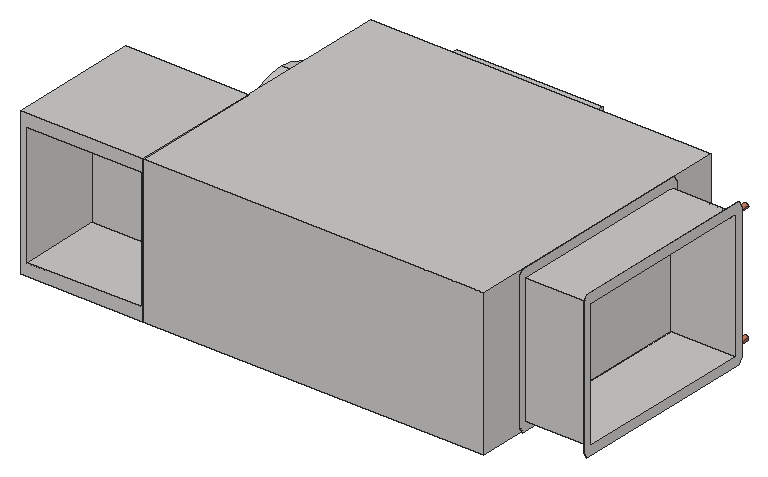
Revit family
Parameters
  Width = 3' - 3"
  Voltage = 208 V
  Unit Weight = if(Number of Rows = 1, "272.0 lbs", if(Number of Rows = 2, "277.0 lbs", "0"))  # "272.0 lbs"
  UltraLoc Liner = Choose Liner Option = 3  # no
  URL = "http://www.titus-hvac.com/"
  UL = "181"
  Supply Air Flow [instance] = 0 CFM
  SteriLoc Liner = Choose Liner Option = 2  # no
  Secondary Material = Copper Connectors
  Primary Air Pressure Drop [instance] = 0.00 in-wg
  Primary Air Flow [instance] = 0 CFM
  Pressure [instance] = 0.00 psi
  Plenum Air Pressure Drop [instance] = 0.00 in-wg
  Plenum Air Flow [instance] = 0 CFM
  Outlet Width = 2' - 1"
  Outlet Height = 1' - 5 1/2"
  Number of Rows = 1
  Number of Poles = 2
  Nominal Width = Width + 0' 6 1/4"  # 3' - 9 1/4"
  Nominal Length = Length + 1' 4 7/8" + 0' 9"  # 6' - 0 5/8"
  Nominal Inlet Size = 1' - 4"
  Nominal Height = 1' - 8"
  NFPA = "90A"
  Motor Full Load Amps [instance] = 3.6 A
  Model = "DTFS-F"
  Min. Air Flow = 0 CFM
  Max. Air Flow = 4000 CFM
  Material = Galvanized Steel
  Manufacturer = "Titus"
  Length = 3' - 10 3/4"
  Juction Box Offset = 0' - 6 7/8"
  Inlet Diameter = Nominal Inlet Size - 0' 0 1/8"  # 1' - 3 7/8"
  Induced Air Inlet Width = 1' - 4 7/8"
  Induced Air Inlet Offset = (Nominal Height - Induced Air Inlet Connection Height) / 2  # 0' - 1 11/16"
  Induced Air Inlet Height = 1' - 6 1/8"
  Induced Air Inlet Connection Width = 1' - 3 3/4"
  Induced Air Inlet Connection Height = 1' - 4 5/8"
  Induced Air Filter = no
  Heating Total Capacity [instance] = 0 Btu/h
  Heating Entering Water Temp = 0 °F
  Half Outlet Width = 1' - 0 1/2"
  Half Outlet Connection Width = Outlet Width / 2  # 1' - 0 1/2"
  Half Outlet Connection Height = Outlet Height / 2  # 0' - 8 3/4"
  Half Height Start = -(Nominal Height / 2)  # -0' - 10"
  Half Height End = Nominal Height / 2  # 0' - 10"
  HWC Option = HWC Section : D-E - 1 Row
  HWC Connector Radius = 5/16"
  HWC Connector Length = 0' - 3"
  HP-Motor = "1/3"
  Gallons Per Minute [instance] = 0 GPM
  Frequency = 60 Hz
  Flange Offset = 0' - 1 1/4"
  Filter Size = "18\"x17\""
  Fiber Free Liner = Choose Liner Option = 1  # no
  Fan Disconnect Switch = no
  Duct Radius = Nominal Inlet Size / 2  # 0' - 8"
  Description = "Ultra Quiet Series Fan Powered Terminal Unit, Direct Digital Control, Pressure Independent"
  Connector Vertical Offset = if(Number of Rows = 1, 1' 4 1/4", if(Number of Rows = 2, 1' 4 3/4", 0' 0"))  # 1' - 4 1/4"
  Connector Horizontal Offset = if(Number of Rows = 1, 0' 0", if(Number of Rows = 2, 0' 1", 0' 0"))  # 0' - 0"
  Connection Void Radius = Connection Radius - 0' 0 1/4"  # 0' - 7 11/16"
  Connection Radius = Inlet Diameter / 2  # 0' - 7 15/16"
  Choose Liner Option = 0
  CADworks URL = "www.CADworks.net"
  Assembly Code = "D3040100"
  Apparent Power [instance] = Voltage * Motor Full Load Amps  # 748.8 VA
  Air Inlet Offset = 0' - 11"
  1/2" Fiberglass Liner = Choose Liner Option = 0  # yes
  1" Fiberglass Liner = Choose Liner Option = 4  # no
Reference planes (in)
  plane 1 "Center (Front/Back)": y = 0
  plane 2: z = 0
  plane 3 "Center (Left/Right)": x = 3
  plane 4: x = -20.375
  plane 5: x = 26.375
  plane 6: x = -13.5
  plane 7: x = -23.75
  plane 8 "Center (Elevation)": z = 0
  plane 9: y = -19.5
  plane 10: y = 19.5
  plane 11: y = 8.5
  plane 12: y = -8.25
  plane 13: z = 0.6875
  plane 14: z = -6.875
  plane 15: x = 35.375
  plane 16: x = 34.375
  plane 17: x = 34.375
  plane 18: y = 15.5
  plane 19: z = -8.125
  plane 20: z = 8.125
  plane 21: y = -12.5
  plane 22: y = 12.5
  plane 23: y = 25.75
  plane 24: x = -37.25
  plane 25: z = 10
  plane 26: z = -10
Forms (in)
  Extrusion 1, solid, material "Galvanized Steel" <- "Material"
    sketch origin (0, 0, 0) x (1, 0, 0) y (0, 1, 0)
      loop
        line (-20.375, 19.5) -> (-20.375, -19.5) -> (26.375, -19.5) -> (26.375, 19.5) -> (-20.375, 19.5)
    from -10 <- "Half Height Start" to 10 <- "Half Height End"
  Extrusion 2, solid, material "Galvanized Steel" <- "Material"
    sketch origin (0, 0, 0) x (1, 0, 0) y (0, 1, 0)
      loop
        line (-37.25, -1.375) -> (-37.25, -19.5) -> (-20.375, -19.5) -> (-20.375, -1.375) -> (-37.25, -1.375)
    from -10 <- "Half Height Start" to 10 <- "Half Height End"
  Extrusion 3, void, detail levels fine
    sketch origin (0, -19.5, 0) x (1, 0, 0) y (0, 0, -1)
      loop
        line (-20.625, 8.3125) -> (-36.375, 8.3125) -> (-36.375, -8.3125) -> (-20.625, -8.3125) -> (-20.625, 8.3125)
    from 0 to 11.25
  Extrusion 4, solid, material "Galvanized Steel" <- "Material"
    sketch origin (3.125, 0, 0) x (1, 0, 0) y (0, 1, 0)
      loop
        line (-16.625, 19.5) -> (3.375, 19.5) -> (3.375, 25.75) -> (-16.625, 25.75) -> (-16.625, 19.5)
    from -6 to 6
  Extrusion 5, solid, material "Galvanized Steel" <- "Material"
    sketch origin (-24.875, -3, 0) x (0, 0, -1) y (0, 1, 0)
      loop
        circle (0, 11.5) r 7.9375
    from 1.125 to 4.5
  Extrusion 6, void, detail levels fine
    sketch origin (-24.875, 0, 0) x (0, 1, 0) y (0, 0, 1)
      loop
        circle (8.5, 0) r 7.6875
    from 1.125 to 11.375
  Extrusion 7, void, detail levels fine
    sketch origin (35.375, -12.5, 8.75) x (0, 0, 1) y (0, -1, 0)
      loop
        line (-17.5, 0) -> (-17.5, -25) -> (0, -25) -> (0, 0) -> (-17.5, 0)
    from -0.0625 to 0
  Extrusion 8, solid, material "Copper Connectors" <- "Secondary Material", detail levels fine
    sketch origin (0, 0, 0) x (1, 0, 0) y (0, 0, 1)
      loop
        circle (34.375, 8.125) r 0.3125
    from -15.5 to -12.5625
  Extrusion 9, solid, material "Copper Connectors" <- "Secondary Material", detail levels fine
    sketch origin (0, 0, 0) x (1, 0, 0) y (0, 0, 1)
      loop
        circle (34.375, -8.125) r 0.3125
    from -15.5 to -12.5625
Cuts and joins
  Extrusion 3 cuts Extrusion 2
  Extrusion 6 cuts Extrusion 1
  Extrusion 6 cuts Extrusion 5
Dimensions and locks (in)
  "Length": plane 5 to plane 4
  equal spacing: plane 5, plane 3 "Center (Left/Right)", plane 4
  locked: Extrusion 4 to Extrusion 4 at 20
  "Juction Box Offset": plane 6 to plane 4
  locked: plane 4 to plane 7 at 3.375
  "Width": plane 9 to plane 10
  equal spacing: plane 9, plane 1 "Center (Front/Back)", plane 10
  locked: Extrusion 5 sketch curve to level at 0
  locked: Extrusion 5 sketch curve to plane 11 at 0
  locked: Extrusion 6 sketch curve to level at 0
  locked: Extrusion 6 sketch curve to plane 11 at 0
  locked: Extrusion 4 to Extrusion 4 at 6.25
  locked: Extrusion 4 to Extrusion 4 at 12
  equal spacing: Extrusion 4, plane 8 "Center (Elevation)", Extrusion 4
  locked: plane 12 to plane 9 at 11.25
  "Air Inlet Offset": plane 10 to plane 11
  "Induced Air Inlet Height": cut or joined group of Extrusion 2, Extrusion 3 to cut or joined group of Extrusion 2, Extrusion 3
  locked: cut or joined group of Extrusion 5, Extrusion 6 to cut or joined group of Extrusion 5, Extrusion 6 at 3.375
  locked: plane 12 to plane 12 at 0
  "Induced Air Inlet Connection Height": Extrusion 3 sketch curve to Extrusion 3 sketch curve
  "Induced Air Inlet Offset": Extrusion 3 sketch curve to cut or joined group of Extrusion 2, Extrusion 3
  "Induced Air Inlet Connection Width": Extrusion 3 sketch curve to Extrusion 3 sketch curve
  locked: Extrusion 3 sketch curve to cut or joined group of Extrusion 1, Extrusion 6 at 0.25
  "Connector Vertical Offset": plane 20 to plane 19
  equal spacing: plane 20, plane 8 "Center (Elevation)", plane 19
  locked: plane 15 to plane 5 at 9
  locked: plane 15 to plane 16 at 1
  "Connector Horizontal Offset": plane 16 to plane 17
  locked: Extrusion 8 sketch curve to plane 17 at 0
  locked: Extrusion 8 sketch curve to plane 20 at 0
  locked: Extrusion 9 sketch curve to plane 16 at 0
  locked: Extrusion 9 sketch curve to plane 19 at 0
  "HWC Connector Length": plane 18 to plane 22
  locked: cut or joined group of Extrusion 1, Extrusion 6 to Extrusion 7 at 9
  locked: cut or joined group of Extrusion 2, Extrusion 3 to cut or joined group of Extrusion 2, Extrusion 3 at 16.875
  locked: cut or joined group of Extrusion 2, Extrusion 3 to cut or joined group of Extrusion 2, Extrusion 3 at 20
  equal spacing: cut or joined group of Extrusion 2, Extrusion 3, plane 8 "Center (Elevation)", cut or joined group of Extrusion 2, Extrusion 3
  locked: cut or joined group of Extrusion 1, Extrusion 6 to cut or joined group of Extrusion 1, Extrusion 6 at 20
  equal spacing: cut or joined group of Extrusion 1, Extrusion 6, plane 8 "Center (Elevation)", cut or joined group of Extrusion 1, Extrusion 6
  locked: nested 1 to cut or joined group of Extrusion 1, Extrusion 6 at 1.1875
  locked: cut or joined group of Extrusion 1, Extrusion 6 to nested 1 at 1.1875
  "Connection Radius": radius of Extrusion 5 sketch curve
  "Connection Void Radius": radius of Extrusion 6 sketch curve
  "HWC Connector Radius": radius of Extrusion 8 sketch curve
  "HWC Connector Radius": radius of Extrusion 9 sketch curve
  aligned and locked: plane 10 to Extrusion 4
  aligned and locked: plane 6 to Extrusion 4
  aligned and locked: plane 7 to cut or joined group of Extrusion 5, Extrusion 6
  aligned and locked: plane 18 to Extrusion 8
  aligned and locked: plane 18 to Extrusion 9
  aligned and locked: plane 9 to cut or joined group of Extrusion 2, Extrusion 3  (x3)
  aligned and locked: plane 5 to nested 1
  aligned and locked: plane 15 to nested 1
  aligned and locked: plane 18 to nested 1  (x2)
  aligned and locked: plane 21 to nested 1
  aligned and locked: plane 22 to nested 1
  aligned and locked: plane 5 to cut or joined group of Extrusion 1, Extrusion 6
  aligned and locked: cut or joined group of Extrusion 1, Extrusion 6 to nested 1
  aligned and locked: cut or joined group of Extrusion 1, Extrusion 6 to plane 10
  aligned and locked: Extrusion 4 to cut or joined group of Extrusion 1, Extrusion 6  (x2)
  aligned and locked: cut or joined group of Extrusion 1, Extrusion 6 to plane 4
  aligned and locked: plane 9 to cut or joined group of Extrusion 1, Extrusion 6
  aligned and locked: cut or joined group of Extrusion 5, Extrusion 6 to cut or joined group of Extrusion 1, Extrusion 6
  aligned and locked: nested 1 to cut or joined group of Extrusion 1, Extrusion 6
  aligned and locked: plane 6 to Extrusion 6
  aligned and locked: Extrusion 6 to plane 7
  aligned and locked: Extrusion 3 to plane 12
  aligned and locked: plane 23 to Extrusion 4
  aligned and locked: plane 24 to cut or joined group of Extrusion 2, Extrusion 3
  aligned and locked: plane 25 to cut or joined group of Extrusion 2, Extrusion 3
  aligned and locked: plane 26 to cut or joined group of Extrusion 2, Extrusion 3
  aligned and locked: plane 26 to cut or joined group of Extrusion 1, Extrusion 6
  aligned and locked: plane 25 to cut or joined group of Extrusion 1, Extrusion 6
Automatic sketch dimensions
  Extrusion 1 sketch curve to plane 4 = 0' - 0"
  Extrusion 1 sketch curve to plane 5 = 0' - 0"
  Extrusion 1 sketch curve to plane 9 = 0' - 0"
  Extrusion 1 sketch curve to plane 10 = 0' - 0"
  Extrusion 2 sketch curve to plane 4 = 0' - 0"
  Extrusion 2 sketch curve to plane 9 = 0' - 0"
  plane 1 "Center (Front/Back)" to Extrusion 2 sketch curve = 0' - 1 3/8"
  Extrusion 4 sketch curve to plane 6 = 0' - 0"
  Extrusion 4 sketch curve to plane 10 = 0' - 0"
  plane 3 "Center (Left/Right)" to Extrusion 4 sketch curve = 0' - 3 1/2"
  Extrusion 4 sketch curve to plane 10 = 0' - 6 1/4"
  Extrusion 2 sketch curve to plane 7 = 1' - 1 1/2"
  Extrusion 7 sketch curve to nested 1 = 0' - 0"  (x4)
Nested families (in)
  nested 1: "HWC Section" at (30.875, 0, 0) x (0, 1, 0) z (0, 0, 1), type <- "HWC Option", type "D-E - 1 Row"
Connectors (in)
  electrical at (-3.5, 25.75, 0), driven by "Apparent Power", driven by "Voltage", driven by "Number of Poles"
    settings: on Extrusion 4, index 8
  hvac at (-23.75, 8.5, 0), driven by "Duct Radius", driven by "Primary Air Pressure Drop", driven by "Primary Air Flow"
    settings: on cut or joined group of Extrusion 5, Extrusion 6, index 9
  hvac at (-28.5, -19.5, 0), driven by "Induced Air Inlet Connection Height", driven by "Induced Air Inlet Connection Width", driven by "Plenum Air Pressure Drop", driven by "Plenum Air Flow"
    settings: on cut or joined group of Extrusion 2, Extrusion 3, index 11
  hvac at (35.375, 0, 0), driven by "Outlet Height", driven by "Outlet Width", driven by "Supply Air Flow"
    settings: on Extrusion 7, index 12
  piping at (34.375, 15.5, 8.125), driven by "Gallons Per Minute", driven by "Pressure", driven by "HWC Connector Radius"
    settings: on Extrusion 8, index 13
  piping at (34.375, 15.5, -8.125), driven by "Gallons Per Minute", driven by "HWC Connector Radius", driven by "Pressure"
    settings: on Extrusion 9, index 14
Definition of nested family "HWC Section"
  Parameters (values of type "B-C - 1 Row")
    Visibility = yes
    Secondary Material = Copper Connectors
    Number of Rows = 1
    Material = Galvanized Steel
    Half Width = HWC Width / 2  # 0' - 10 1/4"
    Half Length-Start = -(HWC Length / 2)  # -0' - 4 1/2"
    Half Length-End = HWC Length / 2  # 0' - 4 1/2"
    HWC Connection Radius = 5/16"
    Flange Offset = 0' - 1"
    Duct Vertical Offset = HWC Height - 0' 0 1/2"  # 1' - 0"
    Duct Horizontal Offset = HWC Width - 0' 0 1/2"  # 1' - 8"
    Connector Vertical Offset = 0' - 11 3/4"
    HWC Width = 1' - 8 1/2"
    HWC Height = 1' - 0 1/2"
    HWC Length = 0' - 9"  # constant formula
    Gallons Per Minute = 0 GPM
    Connector Length = 0' - 3"
    Connector Horizontal Offset = 0' - 0"
  Types (5): name | Number of Rows | Half Width | Flange Offset | Duct Vertical Offset | Duct Horizontal Offset | Connector Vertical Offset | HWC Width | HWC Height | Connector Horizontal Offset
    (no name) | 1 | 0' - 10 1/4" | 0' - 1" | 1' - 0" | 1' - 8" | 0' - 11 3/4" | 1' - 8 1/2" | 1' - 0 1/2" | 0' - 0"
    B-C - 1 Row | 1 | 0' - 10 1/4" | 0' - 1" | 1' - 0" | 1' - 8" | 0' - 11 3/4" | 1' - 8 1/2" | 1' - 0 1/2" | 0' - 0"
    B-C - 2 Row | 2 | 0' - 10 1/4" | 0' - 1" | 1' - 0" | 1' - 8" | 0' - 11 3/4" | 1' - 8 1/2" | 1' - 0 1/2" | 0' - 1"
    D-E - 1 Row | 1 | 1' - 0 1/2" | 0' - 1 1/4" | 1' - 5" | 2' - 0 1/2" | 1' - 4 1/4" | 2' - 1" | 1' - 5 1/2" | 0' - 0"
    D-E - 2 Row | 2 | 1' - 0 1/2" | 0' - 1 1/4" | 1' - 5" | 2' - 0 1/2" | 1' - 4 3/4" | 2' - 1" | 1' - 5 1/2" | 0' - 1"
  Reference planes (in)
    plane 1 "Center (Front/Back)": y = 0
    plane 2: z = 0
    plane 3 "Center (Left/Right)": x = 0
    plane 4: x = -10.25
    plane 5: x = 10.25
    plane 6: y = 4.5
    plane 7: y = -4.5
    plane 8: z = 6.25
    plane 9: z = -6.25
    plane 10: z = 5.875
    plane 11: z = -5.875
    plane 12: y = 3.5
    plane 13: y = 3.5
    plane 14: x = 13.25
  Forms (in)
    Extrusion 1, solid, material "Galvanized Steel" <- "Material", visible <- "Visibility"
      sketch origin (0, 0, 0) x (1, 0, 0) y (0, 0, 1)
        loop
          line (-10.3125, 6.3125) -> (-10.3125, -6.3125) -> (10.3125, -6.3125) -> (10.3125, 6.3125) -> (-10.3125, 6.3125)
      from -4.375 <- "Half Length-Start" to 4.5 <- "Half Length-End"
    Extrusion 2, void, detail levels fine
      sketch origin (0, 0, 0) x (1, 0, 0) y (0, 0, 1)
        loop
          line (-10.25, -6.25) -> (10.25, -6.25) -> (10.25, 6.25) -> (-10.25, 6.25) -> (-10.25, -6.25)
      from -4.5 <- "Half Length-Start" to 4.5 <- "Half Length-End"
    Extrusion 3, solid, material "Copper Connectors" <- "Secondary Material", visible <- "Visibility"
      sketch origin (6, 2.625, 0) x (0, 1, 0) y (0, 0, 1)
        loop
          circle (0.875, -5.875) r 0.3125
      from 4.3125 to 7.25
    Extrusion 4, solid, material "Galvanized Steel" <- "Material", visible <- "Visibility"
      sketch origin (0, -4.375, 0) x (1, 0, 0) y (0, 0, 1)
        loop
          line (-10.25, 6.25) -> (-10.25, -6.25) -> (10.25, -6.25) -> (10.25, 6.25) -> (-10.25, 6.25)
        loop
          line (-11.25, 6.75) -> (-11.25, -6.75) -> (-10.75, -7.25) -> (10.75, -7.25) -> (11.25, -6.75) -> (11.25, 6.75) -> (10.75, 7.25) -> (-10.75, 7.25) -> (-11.25, 6.75)
      from 0 to 0.125
    Extrusion 5, solid, material "Copper Connectors" <- "Secondary Material", visible <- "Visibility"
      sketch origin (6, -0.5, 0) x (0, 1, 0) y (0, 0, 1)
        loop
          circle (4, 5.875) r 0.3125
      from 4.3125 to 7.25
    Extrusion 6, solid, material "Galvanized Steel" <- "Material", visible <- "Visibility"
      sketch origin (0, 4.375, 0) x (1, 0, 0) y (0, 0, -1)
        loop
          line (-10.25, -6.25) -> (10.25, -6.25) -> (10.25, 6.25) -> (-10.25, 6.25) -> (-10.25, -6.25)
        loop
          line (-11.25, -6.75) -> (-10.75, -7.25) -> (10.75, -7.25) -> (11.25, -6.75) -> (11.25, 6.75) -> (10.75, 7.25) -> (-10.75, 7.25) -> (-11.25, 6.75) -> (-11.25, -6.75)
      from 0 to 0.125
  Cuts and joins
    Extrusion 2 cuts Extrusion 1
    joined: Extrusion 1, Extrusion 4, Extrusion 6
  Dimensions and locks (in)
    "HWC Width": plane 4 to plane 5
    equal spacing: plane 4, plane 3 "Center (Left/Right)", plane 5
    "HWC Height": plane 8 to plane 9
    equal spacing: plane 8, plane 2, plane 9
    equal spacing: plane 10, plane 2, plane 11
    locked: plane 12 to plane 6 at 1
    "Connector Horizontal Offset": plane 13 to plane 12
    locked: plane 7 to Extrusion 4 at 0.125
    locked: Extrusion 6 to plane 6 at 0.125
    locked: plane 4 to Extrusion 1 sketch curve at 0.0625
    locked: Extrusion 4 to Extrusion 1 sketch curve at 0.0625
    locked: Extrusion 1 sketch curve to plane 8 at 0.0625
    locked: plane 9 to Extrusion 1 sketch curve at 0.0625
    "Connector Length": plane 5 to plane 14
    "HWC Length": plane 6 to plane 7
    equal spacing: plane 6, plane 1 "Center (Front/Back)", plane 7
    "Connector Vertical Offset": plane 10 to plane 11
    equal spacing: plane 10, level, plane 11
    "HWC Width": Extrusion 4 sketch curve to Extrusion 4 sketch curve
    equal spacing: Extrusion 4 sketch curve, plane 3 "Center (Left/Right)", Extrusion 4 sketch curve
    "HWC Height": Extrusion 4 sketch curve to Extrusion 4 sketch curve
    equal spacing: Extrusion 4 sketch curve, plane 2, Extrusion 4 sketch curve
    locked: cut or joined group of Extrusion 1, Extrusion 2, Extrusion 4, Extrusion 6 to plane 4 at 1  (x2)
    locked: cut or joined group of Extrusion 1, Extrusion 2, Extrusion 4, Extrusion 6 to plane 5 at 1  (x2)
    "HWC Width": Extrusion 6 sketch curve to Extrusion 6 sketch curve
    "HWC Height": Extrusion 6 sketch curve to Extrusion 6 sketch curve
    equal spacing: Extrusion 6 sketch curve, plane 3 "Center (Left/Right)", Extrusion 6 sketch curve
    equal spacing: Extrusion 6 sketch curve, plane 2, Extrusion 6 sketch curve
    "HWC Height": Extrusion 2 sketch curve to Extrusion 2 sketch curve
    "HWC Width": Extrusion 2 sketch curve to Extrusion 2 sketch curve
    equal spacing: Extrusion 2 sketch curve, plane 3 "Center (Left/Right)", Extrusion 2 sketch curve
    equal spacing: Extrusion 2 sketch curve, plane 2, Extrusion 2 sketch curve
    locked: plane 5 to Extrusion 3 at 0.0625
    locked: plane 5 to Extrusion 5 at 0.0625
    "Flange Offset": cut or joined group of Extrusion 1, Extrusion 2, Extrusion 4, Extrusion 6 to plane 8
    "Flange Offset": plane 9 to cut or joined group of Extrusion 1, Extrusion 2, Extrusion 4, Extrusion 6
    "Flange Offset": plane 8 to cut or joined group of Extrusion 1, Extrusion 2, Extrusion 4, Extrusion 6
    "Flange Offset": cut or joined group of Extrusion 1, Extrusion 2, Extrusion 4, Extrusion 6 to plane 9
    "HWC Connection Radius": radius of Extrusion 3 sketch curve
    "HWC Connection Radius": radius of Extrusion 5 sketch curve
    aligned and locked: plane 7 to Extrusion 4
    aligned and locked: plane 6 to Extrusion 6
    aligned and locked: plane 14 to Extrusion 5
    aligned and locked: plane 14 to Extrusion 3
    aligned and locked: Extrusion 6 to cut or joined group of Extrusion 1, Extrusion 2, Extrusion 4, Extrusion 6
    aligned and locked: Extrusion 4 to Extrusion 4
  Automatic sketch dimensions
    Extrusion 3 sketch curve to plane 11 = 0' - 0"
    Extrusion 3 sketch curve to plane 12 = 0' - 0"
    Extrusion 5 sketch curve to plane 10 = 0' - 0"
    Extrusion 5 sketch curve to plane 13 = 0' - 0"
    plane 4 to Extrusion 6 sketch curve = 0' - 1"
    plane 4 to Extrusion 6 sketch curve = 0' - 0 1/2"  (x2)
    Extrusion 6 sketch curve to plane 5 = 0' - 0 1/2"  (x2)
    Extrusion 6 sketch curve to Extrusion 6 sketch curve = 0' - 0 1/2"  (x3)
    plane 8 to Extrusion 6 sketch curve = 0' - 0 1/2"  (x2)
    Extrusion 6 sketch curve to plane 9 = 0' - 0 1/2"  (x2)
    plane 4 to Extrusion 4 sketch curve = 0' - 0 1/2"  (x2)
    Extrusion 4 sketch curve to Extrusion 4 sketch curve = 0' - 0 1/2"  (x4)
    Extrusion 4 sketch curve to plane 5 = 0' - 0 1/2"  (x2)
    Extrusion 4 sketch curve to plane 9 = 0' - 0 1/2"  (x2)
    plane 8 to Extrusion 4 sketch curve = 0' - 0 1/2"  (x2)
